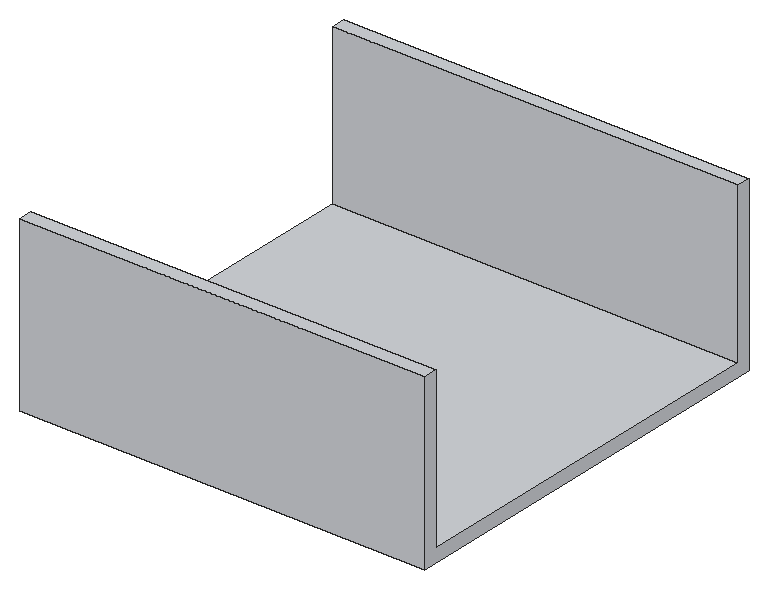
Revit family "Cable Tray", category Cable Tray Fittings, Revit 2022
Family settings
  Round Connector Dimension = Use Diameter
  Part Type = Channel Union
  OmniClass Number = 23.80.30.17.17
  OmniClass Title = Cable Trays and Horizontal Racks
  Work Plane-Based = No
  Always vertical = Yes
  Cut with Voids When Loaded = No
  Shared = No
Parameters (values of type "標準")
  トレイ幅 [instance] = 75 mm
  トレイ長さ [instance] = 75 mm
  トレイ高さ [instance] = 32 mm
  Default Elevation [instance] = 2.5 mm
  built-in parameter 1154647 = 0 mm
Reference planes
  plane 1 "中心(正面/背面)": y = 0
  plane 2: z = 0
  plane 3 "中心(左/右)": x = 0
  plane 4: x = 37.5
  plane 5: y = 37.5
  plane 6: y = -37.5
  plane 7: z = 16
  plane 8: z = -16
  plane 9: z = -13.5
  plane 10: y = 35
  plane 11: y = -35
  plane 12: y = 37.5
  plane 13: y = -37.5
  plane 14: z = 16
  plane 15: z = -16
  plane 16: x = 75
Forms (mm)
  Sweep 1, solid, detail levels fine
    path in 3D
      loop
        line (0, 0, 0) -> (75, 0, 0)
    profile origin (37.5, 0, 0) x (0, 1, 0) y (0, 0, 1)
      loop
        line (37.5, -16) -> (37.5, 16) -> (35, 16) -> (35, -13.5) -> (-35, -13.5) -> (-35, 16) -> (-37.5, 16) -> (-37.5, -16) -> (37.5, -16)
  Sweep 2, solid, detail levels medium
    path in 3D
      loop
        line (0, 0, 0) -> (75, 0, 0)
    profile origin (37.5, 0, 0) x (0, 1, 0) y (0, 0, 1)
      loop
        line (37.5, 16) -> (-37.5, 16) -> (-37.5, -16) -> (37.5, -16) -> (37.5, 16)
Lines and regions (mm)
  model lines, detail levels coarse
    curve 1: line (0, 0, 0) -> (75, 0, 0)
  sketch lines
    curve 2: line (0, 0, 0) -> (75, 0, 0)
    curve 3: line (0, 0, 0) -> (75, 0, 0)
Dimensions and locks
  equal spacing: plane 5, plane 1 "中心(正面/背面)", plane 6
  "トレイ幅": plane 5 to plane 6
  equal spacing: plane 7, plane 2, plane 8
  "トレイ高さ": plane 7 to plane 8
  "Default Elevation": plane 5 to plane 10
  "Default Elevation": plane 11 to plane 6
  "Default Elevation": plane 8 to plane 9
  "トレイ幅": plane 12 to plane 13
  equal spacing: plane 12, plane 1 "中心(正面/背面)", plane 13
  equal spacing: plane 14, plane 2, plane 15
  "トレイ高さ": plane 14 to plane 15
  equal spacing: plane 3 "中心(左/右)", plane 4, plane 16
  "トレイ長さ": plane 3 "中心(左/右)" to plane 16
  aligned and locked: plane 1 "中心(正面/背面)" to curve 1
  aligned and locked: plane 6 to Sweep 1 sketch curve  (x2)
  aligned and locked: plane 8 to Sweep 1 sketch curve  (x2)
  aligned and locked: Sweep 1 sketch curve to plane 5
  aligned and locked: plane 7 to Sweep 1 sketch curve  (x3)
  aligned and locked: plane 11 to Sweep 1 sketch curve  (x2)
  aligned and locked: plane 9 to Sweep 1 sketch curve  (x2)
  aligned and locked: plane 10 to Sweep 1 sketch curve  (x2)
  aligned and locked: Sweep 1 sketch curve to plane 7
  aligned and locked: Sweep 2 sketch curve to plane 14
  aligned and locked: Sweep 2 sketch curve to plane 15
  aligned and locked: plane 13 to Sweep 2 sketch curve
  aligned and locked: plane 12 to Sweep 2 sketch curve
  aligned and locked: plane 16 to curve 1
  aligned and locked: plane 3 "中心(左/右)" to curve 1
Connectors
  cabletrayconduit at (0, 0, 0), diameter 609.6, driven by "トレイ高さ", driven by "トレイ幅"
    settings: on Sweep 2, index 1, connector width 75 mm, connector height 32 mm, connector angle 0.00°, system type 32, placement type 0, profile type 1, connector reference index 2, is primary connector yes, connector utility param no, connector description ""
  cabletrayconduit at (75, 0, 0), diameter 609.6, driven by "トレイ高さ", driven by "トレイ幅"
    settings: on Sweep 2, index 2, connector width 75 mm, connector height 32 mm, connector angle 0.00°, system type 32, placement type 0, profile type 1, connector reference index 1, is primary connector no, connector utility param no, connector description ""
